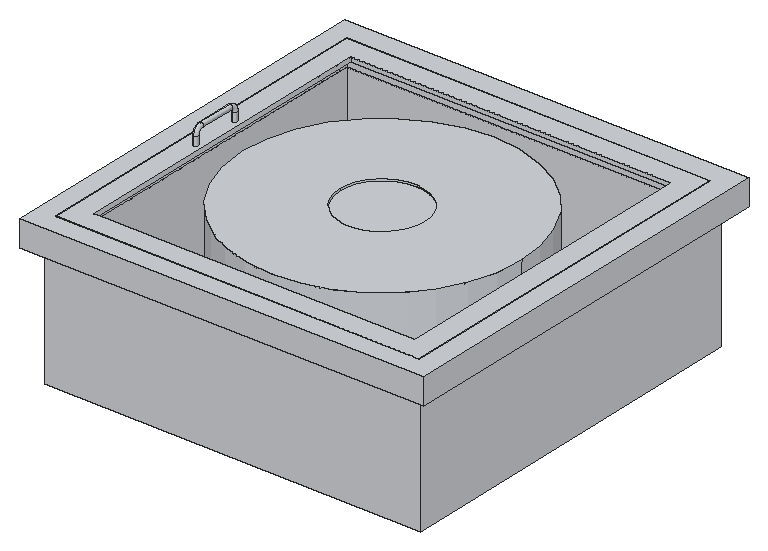
Revit family "4671df7f79ae46e28ecb36273a2f03c2", category Mechanical Equipment, host Face, Revit 2021
Family settings
  Host = Face
  Round Connector Dimension = Use Radius
  Part Type = Normal
  OmniClass Number = 23.65.70.17.11.27
  OmniClass Title = Cabinets for Fire Hoses
  Seek Item ID = Hose Reel Cabinet - Semi-Recessed-0000-USA-ENU
  Cut with Voids When Loaded = No
  Shared = No
  Room Calculation Point = No
Parameters (values of type "1"")
  Flow Pressure [instance] = 5.00 psi
  Nominal Radius = Nominal Diameter / 2  # 1/2"
  Nominal Diameter = 1"
  Hose Material = none
  Flow [instance] = 40 GPM
  Default Elevation = 2' - 4"
  Cabinet Material = none
Reference planes
  plane 1 "Center (Front/Back)": y = 0
  plane 2 "Center (Elevation)": z = 0
  plane 3 "Center (Left/Right)": x = 0
  plane 4: x = -393.7
  plane 5: x = 393.7
  plane 6: y = 787.4
  plane 7: z = -260.35
  plane 8: z = -239.712
  plane 9: y = 774.7
  plane 10: y = 12.7
  plane 11: x = -381
  plane 12: x = 381
  plane 13: y = 819.15
  plane 14: x = -419.1
  plane 15: y = -31.75
  plane 16: x = 425.45
  plane 17: z = 53.975
  plane 18: y = 444.5
  plane 19: x = -41.275
  plane 20: z = 3.175
  plane 21: x = 192.088
  plane 22 "1": z = -112.712
  plane 23: y = 36.512
  plane 24: y = 73.025
  plane 25: y = 63.5
  plane 26: y = -31.75
  plane 27: x = -336.55
  plane 28: x = 336.55
  plane 29: y = 103.333
  plane 30: y = 57.15
  plane 31: y = 730.25
  plane 32: z = 44.45
  plane 33 "2": z = -107.95
  plane 34: x = -93.906
  plane 35: x = -149.225
  plane 36: y = 163.512
  plane 37: y = 57.15
  plane 38 "3": x = -350.837
  plane 39: y = 393.7
Forms (mm)
  Extrusion 1, void
    sketch origin (0, 0, 0) x (1, 0, 0) y (0, 1, 0)
      loop
        line (-393.7, 787.4) -> (-393.7, 0) -> (393.7, 0) -> (393.7, 787.4) -> (-393.7, 787.4)
    from 0 to -260.35
  Extrusion 2, solid, material <- "Cabinet Material"
    sketch origin (0, 0, 0) x (1, 0, 0) y (0, 1, 0)
      loop
        line (-393.7, 787.4) -> (-393.7, 0) -> (393.7, 0) -> (393.7, 787.4) -> (-393.7, 787.4)
    from 0 to -260.35
  Extrusion 3, void
    sketch origin (0, 0, 0) x (1, 0, 0) y (0, 1, 0)
      loop
        line (-381, 774.7) -> (-381, 12.7) -> (381, 12.7) -> (381, 774.7) -> (-381, 774.7)
    from 0 to -239.712
  Extrusion 4, solid, material <- "Cabinet Material"
    sketch origin (0, 0, 0) x (1, 0, 0) y (0, 1, 0)
      loop
        line (-419.1, 819.15) -> (-419.1, -31.75) -> (425.45, -31.75) -> (425.45, 819.15) -> (-419.1, 819.15)
      loop
        line (-381, 774.7) -> (-381, 12.7) -> (381, 12.7) -> (381, 774.7) -> (-381, 774.7)
    from 0 to 53.975
  Extrusion 5, solid, material <- "Cabinet Material", detail levels fine
    sketch origin (0, 0, 0) x (1, 0, 0) y (0, 1, 0)
      loop
        circle (-41.275, 444.5) r 292.1
    from -239.712 to 3.175
  Extrusion 6, void
    sketch origin (0, 0, 0) x (1, 0, 0) y (0, 1, 0)
      loop
        circle (-41.275, 444.5) r 88.9
    from 3.175 to 0
  Extrusion 7, solid, material <- "Hose Material", detail levels fine
    sketch origin (0, 0, 0) x (1, 0, 0) y (0, 0, 1)
      loop
        circle (192.087, -112.712) r 12.7
    from -73.025 to -36.512
  Extrusion 8, solid, material <- "Hose Material", detail levels fine
    sketch origin (0, 0, 0) x (1, 0, 0) y (0, 0, 1)
      loop
        circle (192.087, -112.712) r 9.525
    from -73.025 to -297.314
  Extrusion 9, solid, material <- "Cabinet Material"
    sketch origin (0, 0, 0) x (1, 0, 0) y (0, 1, 0)
      loop
        line (381, 774.7) -> (-381, 774.7) -> (-381, 12.7) -> (381, 12.7) -> (381, 774.7)
      loop
        line (336.55, 57.15) -> (336.55, 730.25) -> (-336.55, 730.25) -> (-336.55, 57.15) -> (336.55, 57.15)
    from 44.45 to 53.975
  Sweep 10, solid, material <- "Hose Material", detail levels fine
    path in 3D
      loop
        line (-393.7, 63.5, -107.95) -> (-131.335, 63.5, -107.95)
        arc (-131.335, 63.5, -107.95) -> (-71.314, 98.302, -107.95) -> (-47.625, 163.512, -107.95) r 101.6
    profile origin (-262.517, 63.5, -107.95) x (0, 1, 0) y (0, 0, 1)
      loop
        circle (0, 0) r 9.525
  Sweep 11, solid, material <- "Cabinet Material", detail levels fine
    path in 3D
      loop
        line (-350.837, 444.5, 53.975) -> (-350.837, 444.5, 72.529)
        arc (-350.837, 444.5, 72.529) -> (-350.837, 440.78, 81.509) -> (-350.837, 431.8, 85.229) r 12.7
        line (-350.837, 431.8, 85.229) -> (-350.837, 355.6, 85.229)
        arc (-350.837, 355.6, 85.229) -> (-350.837, 346.62, 81.509) -> (-350.837, 342.9, 72.529) r 12.7
        line (-350.837, 342.9, 72.529) -> (-350.837, 342.9, 53.975)
    profile origin (-350.837, 393.7, 85.229) x (0, 0, -1) y (1, 0, 0)
      loop
        circle (0, 0) r 4.763
Cuts and joins
  Extrusion 6 cuts Extrusion 5
  joined: Extrusion 7, Extrusion 8
  Extrusion 6 cuts Extrusion 4
  Extrusion 3, Extrusion 6 cuts Extrusion 2
Lines and regions (mm)
  reference lines
    curve 1: line (-393.7, 63.5, -107.95) -> (-131.335, 63.5, -107.95)
    curve 2: arc (-47.625, 163.512, -107.95) -> (-71.314, 98.302, -107.95) -> (-131.335, 63.5, -107.95) r 101.6
    curve 5: line (-350.837, 444.5, 53.975) -> (-350.837, 444.5, 72.529)
    curve 6: arc (-350.837, 444.5, 72.529) -> (-350.837, 440.78, 81.509) -> (-350.837, 431.8, 85.229) r 12.7
    curve 7: line (-350.837, 342.9, 53.975) -> (-350.837, 342.9, 72.529)
    curve 8: arc (-350.837, 342.9, 72.529) -> (-350.837, 346.62, 81.509) -> (-350.837, 355.6, 85.229) r 12.7
    curve 9: line (-350.837, 431.8, 85.229) -> (-350.837, 355.6, 85.229)
  sketch lines
    curve 3: line (-393.7, 63.5, -107.95) -> (-131.335, 63.5, -107.95)
    curve 4: arc (-47.625, 163.512, -107.95) -> (-71.314, 98.302, -107.95) -> (-131.335, 63.5, -107.95) r 101.6
    curve 10: line (-350.837, 431.8, 85.229) -> (-350.837, 355.6, 85.229)
    curve 11: arc (-350.837, 444.5, 72.529) -> (-350.837, 440.78, 81.509) -> (-350.837, 431.8, 85.229) r 12.7
    curve 12: line (-350.837, 444.5, 53.975) -> (-350.837, 444.5, 72.529)
    curve 13: arc (-350.837, 342.9, 72.529) -> (-350.837, 346.62, 81.509) -> (-350.837, 355.6, 85.229) r 12.7
    curve 14: line (-350.837, 342.9, 53.975) -> (-350.837, 342.9, 72.529)
Dimensions and locks
  locked: plane 4 to plane 5 at 787.4
  locked: plane 2 "Center (Elevation)" to plane 7 at 260.35
  locked: plane 8 to plane 7 at 20.638
  locked: plane 6 to plane 9 at 12.7
  locked: plane 10 to plane 1 "Center (Front/Back)" at 12.7
  locked: plane 12 to plane 5 at 12.7
  locked: plane 4 to plane 11 at 12.7
  plane 9 to plane 6 = 0' - 0 1/2"
  locked: plane 1 "Center (Front/Back)" to plane 10 at 12.7
  locked: plane 17 to plane 2 "Center (Elevation)" at 53.975
  plane 14 to plane 19 = 1' - 2 7/8"
  plane 13 to plane 18 = 1' - 2 3/4"
  locked: plane 20 to host face at 3.175
  locked: plane 21 to plane 16 at 233.363
  plane 22 "1" to plane 7 = 0' - 5 13/16"
  equal spacing: plane 27, plane 3 "Center (Left/Right)", plane 28
  locked: plane 17 to plane 32 at 9.525
  locked: plane 25 to plane 26 at 95.25
  locked: plane 27 to plane 28 at 673.1
  plane 14 to plane 38 "3" = 0' - 2 11/16"
  equal spacing: plane 13, plane 39, plane 26
  locked: curve 5 to plane 39 at 50.8
  radius of Extrusion 7 sketch curve = 0' - 0 1/2"
  radius of Sweep 10 sketch curve = 0' - 0 3/8"
  aligned and locked: plane 2 "Center (Elevation)" to host face
  aligned and locked: level to host face
  aligned and locked: plane 4 to Extrusion 1 sketch curve
  aligned and locked: Extrusion 1 sketch curve to plane 6
  aligned and locked: plane 1 "Center (Front/Back)" to Extrusion 1 sketch curve
  aligned and locked: plane 5 to Extrusion 1 sketch curve
  aligned and locked: Extrusion 1 to plane 7
  aligned and locked: plane 4 to Extrusion 2 sketch curve
  aligned and locked: Extrusion 2 sketch curve to plane 6
  aligned and locked: plane 1 "Center (Front/Back)" to Extrusion 2 sketch curve
  aligned and locked: plane 5 to Extrusion 2 sketch curve
  aligned and locked: Extrusion 2 to plane 7
  aligned and locked: plane 11 to Extrusion 3 sketch curve
  aligned and locked: plane 9 to Extrusion 3 sketch curve
  aligned and locked: plane 10 to Extrusion 3 sketch curve
  aligned and locked: Extrusion 3 sketch curve to plane 12
  aligned and locked: Extrusion 3 to plane 8
  aligned and locked: level to Extrusion 3
  aligned and locked: plane 14 to Extrusion 4 sketch curve
  aligned and locked: Extrusion 4 sketch curve to plane 13
  aligned and locked: plane 15 to Extrusion 4 sketch curve
  aligned and locked: plane 16 to Extrusion 4 sketch curve
  aligned and locked: plane 17 to Extrusion 4
  aligned and locked: plane 19 to Extrusion 5 sketch curve
  aligned and locked: plane 18 to Extrusion 5 sketch curve
  aligned and locked: Extrusion 5 to plane 8
  aligned and locked: plane 20 to Extrusion 5
  aligned and locked: plane 19 to Extrusion 6 sketch curve
  aligned and locked: plane 18 to Extrusion 6 sketch curve
  aligned and locked: plane 20 to Extrusion 6
  aligned and locked: plane 21 to Extrusion 7 sketch curve
  aligned and locked: plane 22 "1" to Extrusion 7 sketch curve
  aligned and locked: plane 22 "1" to Extrusion 8 sketch curve
  aligned and locked: plane 21 to Extrusion 8 sketch curve
  aligned and locked: plane 24 to Extrusion 8
  aligned and locked: Extrusion 7 to Extrusion 8
  aligned and locked: plane 23 to Extrusion 7
  aligned and locked: plane 28 to Extrusion 9 sketch curve
  aligned and locked: plane 31 to Extrusion 9 sketch curve
  aligned and locked: plane 27 to Extrusion 9 sketch curve
  aligned and locked: plane 17 to Extrusion 9
  aligned and locked: Extrusion 9 to plane 32
  aligned and locked: plane 30 to Extrusion 9 sketch curve
  aligned and locked: Extrusion 6 to level
Automatic sketch dimensions
  curve 1 to plane 25 = 0' - 0"
  curve 2 to plane 36 = 0' - 0"
  curve 2 to plane 35 = 0' - 0"
  curve 1 to plane 4 = 0' - 0"
  plane 35 to curve 2 = 0' - 0.70434"
  Sweep 10 sketch curve to profile plane = 0' - 0"  (x2)
  curve 7 to plane 17 = 0' - 0"
  curve 5 to plane 17 = 0' - 0"
  curve 6 to plane 18 = 0' - 0 1/2"
  plane 39 to curve 8 = 0' - 1 1/2"
  curve 7 to curve 8 = 0' - 0 1/2"
  curve 7 to curve 8 = 0' - 0 187/256"
  Sweep 11 sketch curve to profile plane = 0' - 0"  (x2)
  Extrusion 4 sketch curve to plane 9 = 0' - 0"
  Extrusion 4 sketch curve to plane 11 = 0' - 0"
  Extrusion 4 sketch curve to plane 12 = 0' - 0"
  Extrusion 4 sketch curve to plane 10 = 0' - 0"
  Extrusion 9 sketch curve to plane 9 = 0' - 0"
  Extrusion 9 sketch curve to plane 11 = 0' - 0"
  Extrusion 9 sketch curve to plane 12 = 0' - 0"
  Extrusion 9 sketch curve to plane 10 = 0' - 0"
  host sketch curve to host sketch curve = 8' - 0"  (x2)
  radius of Extrusion 5 sketch curve = 0' - 11 1/2"
  radius of Extrusion 6 sketch curve = 0' - 3 1/2"
  radius of Extrusion 8 sketch curve = 0' - 0 3/8"
  radius of Sweep 11 sketch curve = 0' - 0 3/16"
Connectors
  piping at (-393.7, 63.5, -107.95), diameter 25.4, driven by "Nominal Radius", driven by "Flow", driven by "Flow Pressure"
    settings: on Sweep 10, index 1, connector inside diameter 1", connector length 0' - 0", flow factor 0, pipe flow 40 GPM, pressure drop 5.00 psi, fitting loss kfactor 0, connector angle 0.00°, fixture units 0, engagement length 0' - 0", angle of deflection 0.00°, flow configuration 1, flow direction 1, fitting loss method 4, system type 26, joint type 0, gender type 0, connector reference index -1, connector utility 0, adjustable connector no, is connector primary yes, connector description "In"
